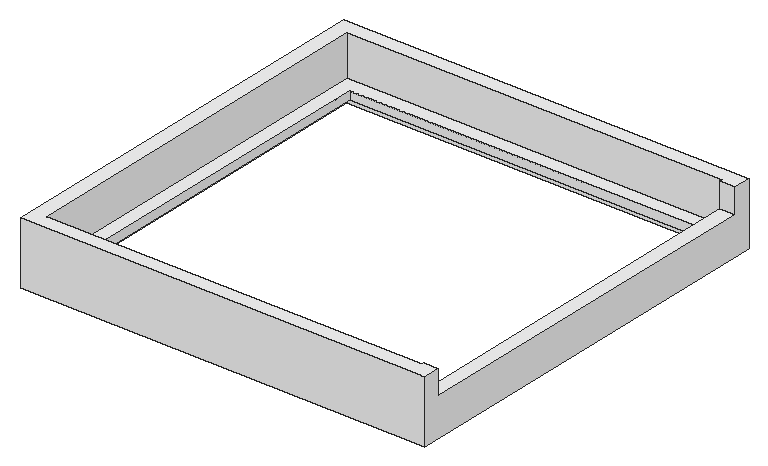
Revit family "Gira_028227", category Electrical Fixtures, host Face, Revit 2017
Family settings
  Host = Face
  Maintain Annotation Orientation = No
  Round Connector Dimension = Use Diameter
  Part Type = Normal
  Cut with Voids When Loaded = No
  Shared = No
  Room Calculation Point = No
Parameters (values of type "Adapter fr. square 50 x 50 mm System 55 p.white m")
  URL = "http://katalog.gira.de/en/datenblatt.html?artikelnr=028227"
  Name = "Adapter fr. square 50 x 50 mm System 55 p.white m"
  Manufacturer URL = "https://www.gira.de/"
  Manufacturer = "Gira"
  Keynote = ""
  HeinzeBIM = "https://bimportal.heinze.de/bim/adapter-fr-square-50-x-50-mm-system-55-p-white-m/7fe2087b33653948efca3b6c794e63d48d0762bb"
  HAN = "028227"
  GTIN = "4010337282273"
  Dimensions = "SQ50 / SQ50"
  Description = "Adap.fr.square 50x50mm Sys55 PWm,Adapter frame with square cut-out for devices with cover (50 x 50 mm),,pure white matt,Features:,- Devices with a square central plate (50 x 50 mm) from other manufacturers, e. g. Alcatel, AMP Econo Link System, Brand-Rex, BTR, Cellpack ITT Cannon Cat. 5, Deutsche Telekom, Drahtex, Hirose, Kannegieter BICC Brand Rex, Kerpen ELine 600, Krone, Molex, Nedap, Panduit, Quante, Reichle de Massari, Rutenbeck, Schumann Netzwerktechnik, HomeWay, Siemens ICCS 100, 300 and 600, Telegärtner, Telenorma, TKM (4 x RJ45 shielded, Cat. 5) can be integrated into the design line with the adapter frame and cover frame (1-gang to 5-gang)."
  Default Elevation = 1219.2 mm
  Data sheet (1) = "https://katalog.gira.de/en/download.html?artikelnr=028227"
  Category = "Transition adapter for domestic switching devices"
  BIM (1) = "https://media.stage.bim.site/public/gira/36a6b08/Sys55_Adapterrahmen_50x50.rfa"
  Available = "No"
Reference planes
  plane 1 "Center (Front/Back)": y = 0
  plane 2: z = 0
  plane 3 "Center (Left/Right)": x = 0
  plane 4: y = 27.7
  plane 5: y = -27.7
  plane 6: x = 27.7
  plane 7: x = -27.7
  plane 8: y = -25.4
  plane 9: y = 25.4
Forms (mm)
  Extrusion 1, solid, material "White", detail levels fine
    sketch origin (0, 0, 0) x (1, 0, 0) y (0, 1, 0)
      loop
        line (-27.7, 27.7) -> (-27.7, -27.7) -> (27.7, -27.7) -> (27.7, 27.7) -> (-27.7, 27.7)
      loop
        line (-25.7, 25.7) -> (-25.7, -25.7) -> (25.7, -25.7) -> (25.7, 25.7) -> (-25.7, 25.7)
    from 0 to 8.6
  Extrusion 2, solid, material "White", detail levels fine
    sketch origin (0, 0, 0) x (1, 0, 0) y (0, 1, 0)
      loop
        line (-25.7, 25.7) -> (-25.7, -25.7) -> (25.7, -25.7) -> (25.7, 25.7) -> (-25.7, 25.7)
      loop
        line (-23.7, 23.7) -> (-23.7, -23.7) -> (23.7, -23.7) -> (23.7, 23.7) -> (-23.7, 23.7)
    from 1.9 to 3.1
  Extrusion 3, void, detail levels fine
    sketch origin (0, 0, 0) x (1, 0, 0) y (0, 1, 0)
      loop
        line (27.7, 25.4) -> (25.7, 25.4) -> (25.7, -25.4) -> (27.7, -25.4) -> (27.7, 25.4)
    from 5.2 to 10
  Extrusion 4, solid, material "White", detail levels coarse+medium
    sketch origin (0, 0, 0) x (1, 0, 0) y (0, 1, 0)
      loop
        line (-27.7, 27.7) -> (-27.7, -27.7) -> (27.7, -27.7) -> (27.7, 27.7) -> (-27.7, 27.7)
    from 0 to 8.6
Cuts and joins
  Extrusion 3 cuts Extrusion 1
  Extrusion 3 cuts Extrusion 2
Dimensions and locks
  aligned and locked: plane 2 to host face
  aligned and locked: level to host face
